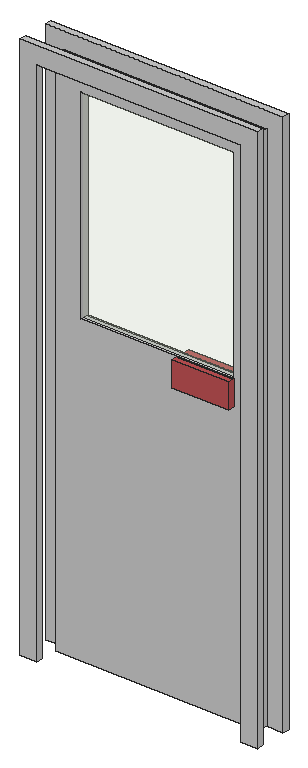
Revit family "Porta_Simples_Visor", category Doors, host Wall, Revit 2025
Family settings
  Host = Wall
  OmniClass Number = 23.30.10.00
  OmniClass Title = Doors
  Always vertical = Yes
  Cut with Voids When Loaded = No
  Shared = No
  Room Calculation Point = Yes
Parameters (values of type "Porta_80_Visor")
  Thickness = 35.00 mm
  Porta_Visor = CT_Vidros
  Material_Controle [instance] = CT_Controle_Acesso
  Function = Interior
  Door Material = CT_Portas
  Frame Material = CT_Aduelas
  Height = 2100.00 mm
  Trim Projection Ext = 25.00 mm
  Trim Projection Int = 25.00 mm
  Trim Width = 66.00 mm
  Wall Closure = By host
  Width = 800.00 mm
  Define Thermal Properties by = Schematic Type
  ComControledeAcesso [instance] = yes
  Analytic Construction = "<None>"
  Aberta 90 graus = yes
  Aberta 45 Graus = no
Reference planes
  plane 1: y = 0
  plane 2: z = 0
  plane 3: x = 0
  plane 4: x = -400
  plane 5: x = 400
  plane 6: z = 2100
Forms (mm)
  Extrusion 1, solid, material "CT_Portas" <- "Door Material"
    sketch origin (0, 0, 0) x (1, 0, 0) y (0, 0, 1)
      loop
        line (-400, 2100) -> (-400, 0) -> (400, 0) -> (400, 2100) -> (-400, 2100)
      loop
        line (-300, 2000) -> (-300, 1200) -> (300, 1200) -> (300, 2000) -> (-300, 2000)
    from -50 to -15
  Extrusion 2, solid, material "CT_Aduelas" <- "Frame Material"
    sketch origin (-1524, -50, 0) x (1, 0, 0) y (0, 0, 1)
      loop
        line (1058, 2166) -> (1058, 0) -> (1124, 0) -> (1124, 2100) -> (1924, 2100) -> (1924, 0) -> (1990, 0) -> (1990, 2166) -> (1058, 2166)
    from 0 to 25
  Extrusion 3, solid, material "CT_Aduelas" <- "Frame Material"
    sketch origin (-1524, 50, 0) x (-1, 0, 0) y (0, 0, 1)
      loop
        line (-1990, 2166) -> (-1990, 0) -> (-1924, 0) -> (-1924, 2100) -> (-1124, 2100) -> (-1124, 0) -> (-1058, 0) -> (-1058, 2166) -> (-1990, 2166)
    from 0 to 25
  Extrusion 4, solid, material "CT_Vidros" <- "Porta_Visor"
    sketch origin (0, 15, 0) x (1, 0, 0) y (0, 0, 1)
      loop
        line (-300, 2000) -> (-300, 1200) -> (300, 1200) -> (300, 2000) -> (-300, 2000)
    from -24.626 to -10.089
  Extrusion 5, solid, material "CT_Controle_Acesso" <- "Material_Controle", visible <- "ComControledeAcesso"
    sketch origin (-872.172, 101.517, 0) x (-1, 0, 0) y (0, -1, 0)
      loop
        line (-948.744, 86.517) -> (-948.744, 111.517) -> (-1172.172, 111.517) -> (-1172.172, 86.517) -> (-948.744, 86.517)
    from 1102.653 to 1200
  Extrusion 6, solid, material "CT_Controle_Acesso" <- "Material_Controle", visible <- "ComControledeAcesso"
    sketch origin (-872.172, 15.883, 0) x (-1, 0, 0) y (0, -1, 0)
      loop
        line (-948.744, -34.117) -> (-1172.172, -34.117) -> (-1172.172, -59.117) -> (-948.744, -59.117) -> (-948.744, -34.117)
    from 1102.653 to 1200
Lines and regions (mm)
  Opening 1
    outline origin (-1524, -50, 3657.6) x (0, 0, -1) y (1, 0, 0)
      loop
        line (1557.6, 1124) -> (3657.6, 1124) -> (3657.6, 1924) -> (1557.6, 1924) -> (1557.6, 1124)
  symbolic lines, style "DoorsPanelProjection", visible <- "Aberta 45 Graus"
    curve 1: line (400, 50, 0) -> (365, 50, 0)
    curve 12: line (400, 50, 0) -> (377.201, 25.251, 0)
    curve 13: line (400, 50, 0) -> (-187.864, 591.556, 0)
    curve 14: line (-187.864, 591.556, 0) -> (-210.663, 566.808, 0)
    curve 15: line (377.201, 25.251, 0) -> (-210.663, 566.808, 0)
  symbolic lines, style "DoorsPanelProjection", visible <- "Aberta 90 graus"
    curve 2: line (400, 50, 0) -> (400, 850, 0)
    curve 3: line (400, 850, 0) -> (365, 850, 0)
    curve 4: line (365, 50, 0) -> (365, 850, 0)
  model lines, style "DoorsFrameMullionProjection"
    curve 5: line (-466, -50, 0) -> (-466, -50, 2166)
    curve 6: line (-466, -50, 2166) -> (466, -50, 2166)
    curve 7: line (466, -50, 2166) -> (466, -50, 0)
    curve 8: line (466, 50, 0) -> (466, 50, 2166)
    curve 9: line (-466, 50, 2166) -> (466, 50, 2166)
    curve 10: line (-466, 50, 2166) -> (-466, 50, 0)
    curve 16: line (346.669, 122.869, 0) -> (346.669, 122.869, 2166)
  symbolic lines, style "Plan Swing"
    curve 11: arc (-188.585, 591.819, 0) -> (-345.274, 340.803, 0) -> (-400, 50, 0) r 800
  symbolic lines, style "Plan Swing", visible <- "Aberta 90 graus"
    curve 17: arc (400, 850, 0) -> (78.64, 782.617, 0) -> (-188.585, 591.819, 0) r 800
Dimensions and locks
  equal spacing: plane 4, plane 3, plane 5
  "Width": plane 4 to plane 5
  locked: host wall to curve 1
  control icon elem to plane 5 = 204.408 mm
  "Height": plane 6 to plane 2
  "Trim Width": plane 4 to curve 5
  "Trim Width": plane 5 to curve 7
  "Trim Width": plane 6 to curve 6
  locked: curve 9 to host wall
  "Trim Projection Ext": Extrusion 3 to host wall
  "Trim Projection Int": Extrusion 2 to host wall
  "Thickness": curve 4 to plane 5
  "Thickness": Extrusion 1 to host wall
  plane 6 to level = 2100.00 mm
  "Width": curve 3 to curve 2
  locked: Extrusion 1 to Extrusion 4 at 10.374
  locked: Extrusion 4 to Extrusion 4 at 14.538
  locked: Extrusion 5 to Extrusion 5 at 25
  locked: Extrusion 6 to Extrusion 6 at 25
  "Width": radius of curve 17
  "Width": radius of curve 11
  aligned and locked: host wall to Extrusion 1
  aligned and locked: plane 2 to curve 5
  aligned and locked: curve 7 to level
  aligned and locked: curve 8 to curve 7
  aligned and locked: curve 6 to Extrusion 2 sketch curve
  aligned and locked: Extrusion 2 sketch curve to curve 5
  aligned and locked: Extrusion 2 sketch curve to curve 7
  aligned and locked: Extrusion 2 to Extrusion 3 sketch curve
  aligned and locked: Extrusion 3 sketch curve to Extrusion 2  (x2)
  aligned and locked: Extrusion 6 to Extrusion 1  (x2)
  aligned and locked: Extrusion 5 to Extrusion 1  (x2)
  aligned and locked: Extrusion 4 to Extrusion 1  (x4)
  aligned and locked: Extrusion 1 to Extrusion 5
  aligned and locked: Extrusion 1 to Extrusion 6
Automatic sketch dimensions
  Opening 1 sketch curve to plane 6 = 0.00 mm
  Opening 1 sketch curve to level = 0.00 mm
  Opening 1 sketch curve to plane 4 = 0.00 mm
  Opening 1 sketch curve to plane 5 = 0.00 mm
  Extrusion 2 sketch curve to level = 0.00 mm  (x2)
  Extrusion 2 sketch curve to plane 4 = 0.00 mm
  Extrusion 2 sketch curve to plane 5 = 0.00 mm
  Extrusion 2 sketch curve to plane 6 = 0.00 mm
  Extrusion 3 sketch curve to level = 0.00 mm  (x2)
  Extrusion 3 sketch curve to plane 5 = 0.00 mm
  Extrusion 3 sketch curve to plane 4 = 0.00 mm
  Extrusion 3 sketch curve to plane 6 = 0.00 mm
  curve 8 to level = 0.00 mm
  curve 10 to level = 0.00 mm
  curve 10 to curve 5 = 0.00 mm  (x2)
  level to curve 16 = 0.00 mm
  curve 16 to plane 6 = 66.00 mm
  Extrusion 1 sketch curve to level = 0.00 mm
  plane 4 to Extrusion 1 sketch curve = 0.00 mm
  plane 5 to Extrusion 1 sketch curve = 0.00 mm
  Extrusion 1 sketch curve to plane 6 = 0.00 mm
  Extrusion 1 sketch curve to plane 4 = 100.00 mm
  plane 3 to Extrusion 1 sketch curve = 300.00 mm
  level to Extrusion 1 sketch curve = 1200.00 mm
  plane 6 to Extrusion 1 sketch curve = 100.00 mm
  curve 11 to curve 17 = 0.00 mm  (x2)
  curve 11 to host wall = 0.00 mm
  curve 11 to plane 4 = 0.00 mm
  curve 2 to plane 5 = 0.00 mm
  curve 14 to plane 4 = 189.337 mm
  curve 14 to curve 14 = 22.799 mm
  curve 11 to curve 13 = 0.72 mm
  curve 17 to curve 11 = 0.00 mm
  host wall to Extrusion 5 sketch curve = 35.00 mm
  Extrusion 5 sketch curve to plane 5 = 100.00 mm
  Extrusion 5 sketch curve to host wall = 10.00 mm
  Extrusion 5 sketch curve to plane 3 = 76.573 mm
  Extrusion 6 sketch curve to host wall = 0.00 mm
  plane 5 to Extrusion 6 sketch curve = 100.00 mm
  host wall to Extrusion 6 sketch curve = 25.00 mm
  plane 3 to Extrusion 6 sketch curve = 76.573 mm
  Extrusion 4 sketch curve to Extrusion 1 = 100.00 mm  (x2)
  Extrusion 4 sketch curve to Extrusion 1 = 0.00 mm
  Extrusion 1 to Extrusion 4 sketch curve = 0.00 mm
